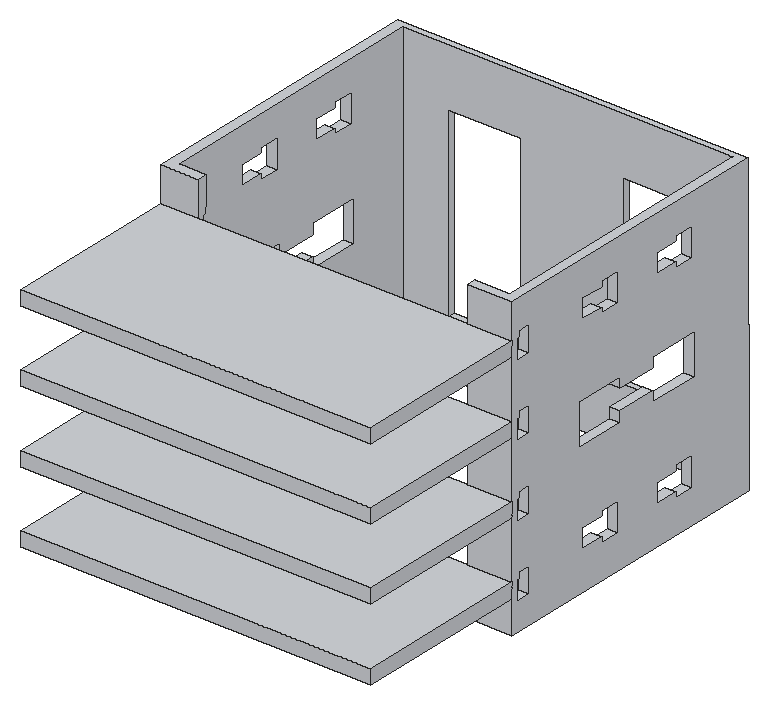
Revit family
Parameters
  Material ID = "760049445"
  Description = "VP360-4U-32P"
Reference planes (in)
  plane 1 "Center (Front/Back)": y = 0
  plane 2: z = 0
  plane 3 "Center (Left/Right)": x = 0
Forms (in)
  Extrusion 1, void, not visible
    sketch origin (0, 0, 0) x (1, 0, 0) y (0, 0, 1)
      loop
        circle (-7.69338, 0.81863) r 0.06
    from 0.38146 to 1.27837
  Extrusion 2, solid
    sketch origin (0, 0, 0) x (1, 0, 0) y (0, 0, 1)
      loop
        line (-4.17876, 0) -> (4.34724, 0) -> (4.34724, 7.253) -> (-4.17876, 7.253) -> (-4.17876, 0)
    from 0 to 7.175
  Extrusion 3, void
    sketch origin (21.82124, 0, 7.253) x (0, -1, 0) y (-1, 0, 0)
      loop
        line (0.15658, 25.74785) -> (0.15658, 17.72185) -> (6.93858, 17.72185) -> (6.93858, 25.74785) -> (0.15658, 25.74785)
    from 0 to 9.72559
  Extrusion 4, void
    sketch origin (4.34724, 0, 0) x (0, 0, -1) y (0, -1, 0)
      loop
        line (-6.52875, 1.7115) -> (-5.82578, 1.7115) -> (-5.82578, 2.2115) -> (-5.9491, 2.2115) -> (-5.9491, 2.79197) -> (-6.40875, 2.79197) -> (-6.40875, 2.2115) -> (-6.52875, 2.2115) -> (-6.52875, 1.7115)
      loop
        line (-6.52875, 3.9615) -> (-5.82578, 3.9615) -> (-5.82578, 4.4615) -> (-5.9491, 4.4615) -> (-5.9491, 5.04197) -> (-6.40875, 5.04197) -> (-6.40875, 4.4615) -> (-6.52875, 4.4615) -> (-6.52875, 3.9615)
      loop
        line (-1.52875, 1.7115) -> (-0.82578, 1.7115) -> (-0.82578, 2.2115) -> (-0.9491, 2.2115) -> (-0.9491, 2.79197) -> (-1.40875, 2.79197) -> (-1.40875, 2.2115) -> (-1.52875, 2.2115) -> (-1.52875, 1.7115)
      loop
        line (-1.52875, 3.9615) -> (-0.82578, 3.9615) -> (-0.82578, 4.4615) -> (-0.9491, 4.4615) -> (-0.9491, 5.04197) -> (-1.40875, 5.04197) -> (-1.40875, 4.4615) -> (-1.52875, 4.4615) -> (-1.52875, 3.9615)
    from 0 to 12
  Extrusion 5, void
    sketch origin (4.34724, 0, 0) x (0, 0, -1) y (0, -1, 0)
      loop
        line (-4.19471, 5.13881) -> (-4.19471, 3.88881) -> (-3.94471, 3.88881) -> (-3.94471, 2.88881) -> (-4.19471, 2.88881) -> (-4.19471, 1.63881) -> (-3.19471, 1.63881) -> (-3.19471, 2.88881) -> (-3.44471, 2.88881) -> (-3.44471, 3.88881) -> (-3.19471, 3.88881) -> (-3.19471, 5.13881) -> (-4.19471, 5.13881)
    from 0 to 12
  Extrusion 6, void
    sketch origin (0, 0, 0) x (1, 0, 0) y (0, 0, 1)
      loop
        line (-3.27313, 7.253) -> (-3.27313, 0) -> (3.26383, 0) -> (3.26383, 7.253) -> (-3.27313, 7.253)
    from 6.08757 to 7.175
  Extrusion 7, void
    sketch origin (0, 0, 0) x (1, 0, 0) y (0, 0, 1)
      loop
        line (3.18665, 5.84899) -> (1.43665, 5.84899) -> (1.43665, 1.34899) -> (3.18665, 1.34899) -> (3.18665, 5.84899)
      loop
        line (-1.06335, 5.84899) -> (-2.81335, 5.84899) -> (-2.81335, 1.34899) -> (-1.06335, 1.34899) -> (-1.06335, 5.84899)
    from 0 to 1.63881
  Extrusion 8, solid
    sketch origin (0, -7.175, 0) x (1, 0, 0) y (0, 0, 1)
      loop
        line (-4.17876, 6.40875) -> (-4.17876, 6.05875) -> (4.34724, 6.05875) -> (4.34724, 6.40875) -> (-4.17876, 6.40875)
    from 0 to 4.278
  Extrusion 9, solid
    sketch origin (0, -7.175, -1.75) x (1, 0, 0) y (0, 0, 1)
      loop
        line (-4.17876, 6.40875) -> (-4.17876, 6.05875) -> (4.34724, 6.05875) -> (4.34724, 6.40875) -> (-4.17876, 6.40875)
    from 0 to 4.278
  Extrusion 10, solid
    sketch origin (0, -7.175, -3.5) x (1, 0, 0) y (0, 0, 1)
      loop
        line (-4.17876, 6.40875) -> (-4.17876, 6.05875) -> (4.34724, 6.05875) -> (4.34724, 6.40875) -> (-4.17876, 6.40875)
    from 0 to 4.278
  Extrusion 11, solid
    sketch origin (0, -7.175, -5.25) x (1, 0, 0) y (0, 0, 1)
      loop
        line (-4.17876, 6.40875) -> (-4.17876, 6.05875) -> (4.34724, 6.05875) -> (4.34724, 6.40875) -> (-4.17876, 6.40875)
    from 0 to 4.278
  Extrusion 12, void
    sketch origin (4.34724, 0, 0) x (0, 0, -1) y (0, -1, 0)
      loop
        line (-6.40378, 6.97424) -> (-6.54982, 6.97424) -> (-6.54982, 6.66234) -> (-5.92601, 6.66234) -> (-5.92601, 7.04275) -> (-6.40378, 7.04275) -> (-6.40378, 6.97424)
    from 0 to 12
  Extrusion 13, void
    sketch origin (4.34724, 0, -1.75) x (0, 0, -1) y (0, -1, 0)
      loop
        line (-6.40378, 6.97424) -> (-6.54982, 6.97424) -> (-6.54982, 6.66234) -> (-5.92601, 6.66234) -> (-5.92601, 7.04275) -> (-6.40378, 7.04275) -> (-6.40378, 6.97424)
    from 0 to 12
  Extrusion 14, void
    sketch origin (4.34724, 0, -3.5) x (0, 0, -1) y (0, -1, 0)
      loop
        line (-6.40378, 6.97424) -> (-6.54982, 6.97424) -> (-6.54982, 6.66234) -> (-5.92601, 6.66234) -> (-5.92601, 7.04275) -> (-6.40378, 7.04275) -> (-6.40378, 6.97424)
    from 0 to 12
  Extrusion 15, void
    sketch origin (4.34724, 0, -5.25) x (0, 0, -1) y (0, -1, 0)
      loop
        line (-6.40378, 6.97424) -> (-6.54982, 6.97424) -> (-6.54982, 6.66234) -> (-5.92601, 6.66234) -> (-5.92601, 7.04275) -> (-6.40378, 7.04275) -> (-6.40378, 6.97424)
    from 0 to 12
Cuts and joins
  Extrusion 3, Extrusion 4, Extrusion 5, Extrusion 6, Extrusion 7, Extrusion 12, Extrusion 13, Extrusion 14, Extrusion 15 cuts Extrusion 2
Dimensions and locks (in)
  equal spacing: group 2, group 3, group 4, group 5  (x2)
  equal spacing: group 5, group 4, group 3, group 2
  equal spacing: group 6, group 7, group 8, group 9  (x2)
  equal spacing: group 9, group 8, group 7, group 6
